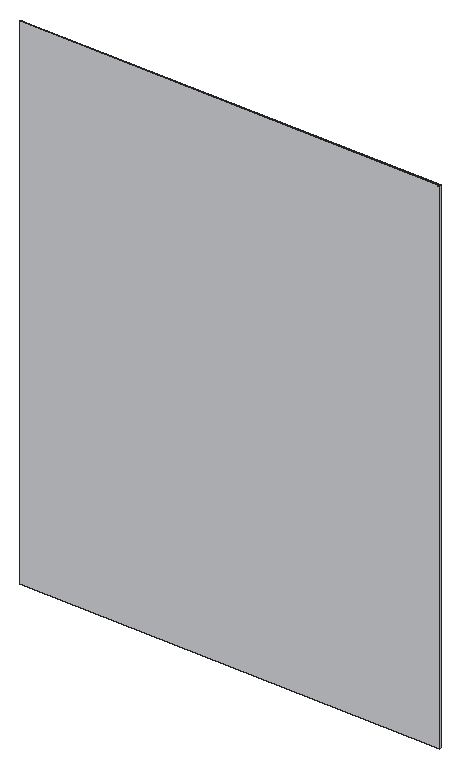
Revit family "27826AIR", category Generic Models, Revit 2017
Family settings
  Can host rebar = No
  Round Connector Dimension = Use Diameter
  Part Type = Normal
  Work Plane-Based = No
  Always vertical = Yes
  Cut with Voids When Loaded = No
  Shared = No
  Room Calculation Point = No
Parameters
  W = 990 mm
  H = 1190 mm
  Whiteboard = none
  Base = none
Reference planes
  plane 1 "Center (Front/Back)": y = 0
  plane 2: z = 0
  plane 3 "Center (Left/Right)": x = 0
  plane 4: y = 0.5
  plane 5: y = 10.5
  plane 6: z = 1190
  plane 7: x = -495
  plane 8: x = 495
  plane 9: y = 4
Forms (mm)
  Extrusion 1, solid, material <- "Whiteboard"
    sketch origin (0, 0, 0) x (1, 0, 0) y (0, 0, 1)
      loop
        line (-495, 1190) -> (-495, 0) -> (495, 0) -> (495, 1190) -> (-495, 1190)
    from -0.5 to 0
  Extrusion 2, solid, material <- "Base"
    sketch origin (0, 0, 0) x (1, 0, 0) y (0, 0, 1)
      loop
        line (-495, 1190) -> (-495, 0) -> (495, 0) -> (495, 1190) -> (-495, 1190)
    from -10.5 to -0.5
  Sweep 3, void
    path origin (0, 10.5, 0) x (1, 0, 0) y (0, 0, 1)
      loop
        line (-495, 1190) -> (-495, 0) -> (495, 0) -> (495, 1190) -> (-495, 1190)
    profile origin (0, 10.5, 1190) x (0, 0, 1) y (0, -1, 0)
      loop
        line (0, 0) -> (0, 6.5) -> (-6.5, 0) -> (0, 0)
Cuts and joins
  Sweep 3 cuts Extrusion 2
Dimensions and locks
  locked: plane 4 to plane 1 "Center (Front/Back)" at 0.5
  locked: plane 5 to plane 4 at 10
  equal spacing: plane 8, plane 3 "Center (Left/Right)", plane 7
  "W": plane 8 to plane 7
  "H": plane 6 to level
  aligned and locked: level to plane 2
  aligned and locked: Extrusion 1 sketch curve to plane 6
  aligned and locked: plane 7 to Extrusion 1 sketch curve
  aligned and locked: plane 2 to Extrusion 1 sketch curve
  aligned and locked: Extrusion 1 sketch curve to plane 8
  aligned and locked: plane 4 to Extrusion 1
  aligned and locked: plane 1 "Center (Front/Back)" to Extrusion 1
  aligned and locked: Extrusion 2 sketch curve to Extrusion 1  (x4)
  aligned and locked: plane 5 to Extrusion 2
  aligned and locked: Extrusion 2 to plane 4
  aligned and locked: Sweep 3 sketch curve to Extrusion 1  (x4)
Automatic sketch dimensions
  Sweep 3 sketch curve to profile plane = 0 mm
  profile plane to Sweep 3 sketch curve = 0 mm
  profile plane to Sweep 3 sketch curve = 6.5 mm  (x2)
